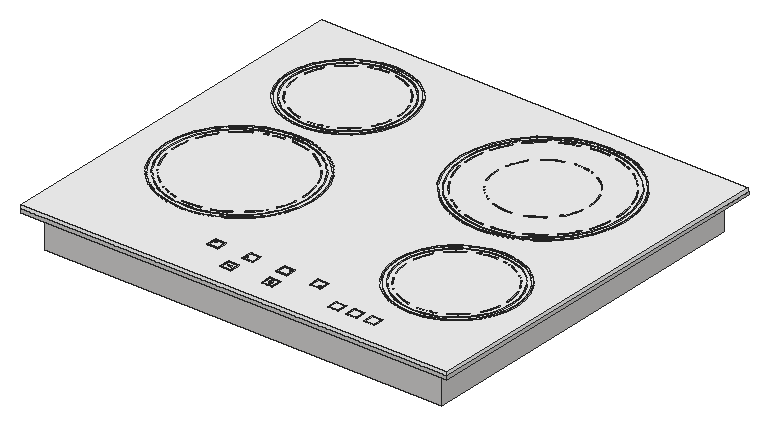
Revit family "QF_Summit_CR4B23T6W_4-Burner Radiant Cooktop", category Specialty Equipment, Revit 2020 (continued)
Automatic sketch dimensions
  curve 160 to curve 197 = 0"  (x2)
  curve 160 to curve 199 = 0"  (x2)
  curve 160 to curve 201 = 0"  (x2)
  curve 160 to curve 203 = 0"  (x2)
  curve 160 to curve 205 = 0"  (x2)
  curve 160 to curve 207 = 0"  (x2)
  curve 160 to curve 209 = 0"  (x2)
  curve 160 to curve 211 = 0"  (x2)
  curve 160 to curve 213 = 0"  (x2)
  curve 160 to curve 215 = 0"  (x2)
  curve 160 to curve 217 = 0"  (x2)
  curve 160 to curve 219 = 0"  (x2)
  curve 161 to curve 163 = 0"  (x2)
  curve 161 to curve 165 = 0"  (x2)
  curve 161 to curve 167 = 0"  (x2)
  curve 161 to curve 169 = 0"  (x2)
  curve 161 to curve 171 = 0"  (x2)
  curve 161 to curve 173 = 0"  (x2)
  curve 161 to curve 175 = 0"  (x2)
  curve 161 to curve 177 = 0"  (x2)
  curve 161 to curve 179 = 0"  (x2)
  curve 161 to curve 181 = 0"  (x2)
  curve 161 to curve 183 = 0"  (x2)
  curve 161 to curve 185 = 0"  (x2)
  curve 161 to curve 187 = 0"  (x2)
  curve 161 to curve 189 = 0"  (x2)
  curve 161 to curve 191 = 0"  (x2)
  curve 161 to curve 193 = 0"  (x2)
  curve 161 to curve 195 = 0"  (x2)
  curve 161 to curve 197 = 0"  (x2)
  curve 161 to curve 199 = 0"  (x2)
  curve 161 to curve 201 = 0"  (x2)
  curve 161 to curve 203 = 0"  (x2)
  curve 161 to curve 205 = 0"  (x2)
  curve 161 to curve 207 = 0"  (x2)
  curve 161 to curve 209 = 0"  (x2)
  curve 161 to curve 211 = 0"  (x2)
  curve 161 to curve 213 = 0"  (x2)
  curve 161 to curve 215 = 0"  (x2)
  curve 161 to curve 217 = 0"  (x2)
  curve 161 to curve 219 = 0"  (x2)
  curve 163 to curve 165 = 0"  (x2)
  curve 163 to curve 167 = 0"  (x2)
  curve 163 to curve 169 = 0"  (x2)
  curve 163 to curve 171 = 0"  (x2)
  curve 163 to curve 173 = 0"  (x2)
  curve 163 to curve 175 = 0"  (x2)
  curve 163 to curve 177 = 0"  (x2)
  curve 163 to curve 179 = 0"  (x2)
  curve 163 to curve 181 = 0"  (x2)
  curve 163 to curve 183 = 0"  (x2)
  curve 163 to curve 185 = 0"  (x2)
  curve 163 to curve 187 = 0"  (x2)
  curve 163 to curve 189 = 0"  (x2)
  curve 163 to curve 191 = 0"  (x2)
  curve 163 to curve 193 = 0"  (x2)
  curve 163 to curve 195 = 0"  (x2)
  curve 163 to curve 197 = 0"  (x2)
  curve 163 to curve 199 = 0"  (x2)
  curve 163 to curve 201 = 0"  (x2)
  curve 163 to curve 203 = 0"  (x2)
  curve 163 to curve 205 = 0"  (x2)
  curve 163 to curve 207 = 0"  (x2)
  curve 163 to curve 209 = 0"  (x2)
  curve 163 to curve 211 = 0"  (x2)
  curve 163 to curve 213 = 0"  (x2)
  curve 163 to curve 215 = 0"  (x2)
  curve 163 to curve 217 = 0"  (x2)
  curve 163 to curve 219 = 0"  (x2)
  curve 165 to curve 167 = 0"  (x2)
  curve 165 to curve 169 = 0"  (x2)
  curve 165 to curve 171 = 0"  (x2)
  curve 165 to curve 173 = 0"  (x2)
  curve 165 to curve 175 = 0"  (x2)
  curve 165 to curve 177 = 0"  (x2)
  curve 165 to curve 179 = 0"  (x2)
  curve 165 to curve 181 = 0"  (x2)
  curve 165 to curve 183 = 0"  (x2)
  curve 165 to curve 185 = 0"  (x2)
  curve 165 to curve 187 = 0"  (x2)
  curve 165 to curve 189 = 0"  (x2)
  curve 165 to curve 191 = 0"  (x2)
  curve 165 to curve 193 = 0"  (x2)
  curve 165 to curve 195 = 0"  (x2)
  curve 165 to curve 197 = 0"  (x2)
  curve 165 to curve 199 = 0"  (x2)
  curve 165 to curve 201 = 0"  (x2)
  curve 165 to curve 203 = 0"  (x2)
  curve 165 to curve 205 = 0"  (x2)
  curve 165 to curve 207 = 0"  (x2)
  curve 165 to curve 209 = 0"  (x2)
  curve 165 to curve 211 = 0"  (x2)
  curve 165 to curve 213 = 0"  (x2)
  curve 165 to curve 215 = 0"  (x2)
  curve 165 to curve 217 = 0"  (x2)
  curve 165 to curve 219 = 0"  (x2)
  curve 167 to curve 169 = 0"  (x2)
  curve 167 to curve 171 = 0"  (x2)
  curve 167 to curve 173 = 0"  (x2)
  curve 167 to curve 175 = 0"  (x2)
  curve 167 to curve 177 = 0"  (x2)
  curve 167 to curve 179 = 0"  (x2)
  curve 167 to curve 181 = 0"  (x2)
  curve 167 to curve 183 = 0"  (x2)
  curve 167 to curve 185 = 0"  (x2)
  curve 167 to curve 187 = 0"  (x2)
  curve 167 to curve 189 = 0"  (x2)
  curve 167 to curve 191 = 0"  (x2)
  curve 167 to curve 193 = 0"  (x2)
  curve 167 to curve 195 = 0"  (x2)
  curve 167 to curve 197 = 0"  (x2)
  curve 167 to curve 199 = 0"  (x2)
  curve 167 to curve 201 = 0"  (x2)
  curve 167 to curve 203 = 0"  (x2)
  curve 167 to curve 205 = 0"  (x2)
  curve 167 to curve 207 = 0"  (x2)
  curve 167 to curve 209 = 0"  (x2)
  curve 167 to curve 211 = 0"  (x2)
  curve 167 to curve 213 = 0"  (x2)
  curve 167 to curve 215 = 0"  (x2)
  curve 167 to curve 217 = 0"  (x2)
  curve 167 to curve 219 = 0"  (x2)
  curve 169 to curve 171 = 0"  (x2)
  curve 169 to curve 173 = 0"  (x2)
  curve 169 to curve 175 = 0"  (x2)
  curve 169 to curve 177 = 0"  (x2)
  curve 169 to curve 179 = 0"  (x2)
  curve 169 to curve 181 = 0"  (x2)
  curve 169 to curve 183 = 0"  (x2)
  curve 169 to curve 185 = 0"  (x2)
  curve 169 to curve 187 = 0"  (x2)
  curve 169 to curve 189 = 0"  (x2)
  curve 169 to curve 191 = 0"  (x2)
  curve 169 to curve 193 = 0"  (x2)
  curve 169 to curve 195 = 0"  (x2)
  curve 169 to curve 197 = 0"  (x2)
  curve 169 to curve 199 = 0"  (x2)
  curve 169 to curve 201 = 0"  (x2)
  curve 169 to curve 203 = 0"  (x2)
  curve 169 to curve 205 = 0"  (x2)
  curve 169 to curve 207 = 0"  (x2)
  curve 169 to curve 209 = 0"  (x2)
  curve 169 to curve 211 = 0"  (x2)
  curve 169 to curve 213 = 0"  (x2)
  curve 169 to curve 215 = 0"  (x2)
  curve 169 to curve 217 = 0"  (x2)
  curve 169 to curve 219 = 0"  (x2)
  curve 171 to curve 173 = 0"  (x2)
  curve 171 to curve 175 = 0"  (x2)
  curve 171 to curve 177 = 0"  (x2)
  curve 171 to curve 179 = 0"  (x2)
  curve 171 to curve 181 = 0"  (x2)
  curve 171 to curve 183 = 0"  (x2)
  curve 171 to curve 185 = 0"  (x2)
  curve 171 to curve 187 = 0"  (x2)
  curve 171 to curve 189 = 0"  (x2)
  curve 171 to curve 191 = 0"  (x2)
  curve 171 to curve 193 = 0"  (x2)
  curve 171 to curve 195 = 0"  (x2)
  curve 171 to curve 197 = 0"  (x2)
  curve 171 to curve 199 = 0"  (x2)
  curve 171 to curve 201 = 0"  (x2)
  curve 171 to curve 203 = 0"  (x2)
  curve 171 to curve 205 = 0"  (x2)
  curve 171 to curve 207 = 0"  (x2)
  curve 171 to curve 209 = 0"  (x2)
  curve 171 to curve 211 = 0"  (x2)
  curve 171 to curve 213 = 0"  (x2)
  curve 171 to curve 215 = 0"  (x2)
  curve 171 to curve 217 = 0"  (x2)
  curve 171 to curve 219 = 0"  (x2)
  curve 173 to curve 175 = 0"  (x2)
  curve 173 to curve 177 = 0"  (x2)
  curve 173 to curve 179 = 0"  (x2)
  curve 173 to curve 181 = 0"  (x2)
  curve 173 to curve 183 = 0"  (x2)
  curve 173 to curve 185 = 0"  (x2)
  curve 173 to curve 187 = 0"  (x2)
  curve 173 to curve 189 = 0"  (x2)
  curve 173 to curve 191 = 0"  (x2)
  curve 173 to curve 193 = 0"  (x2)
  curve 173 to curve 195 = 0"  (x2)
  curve 173 to curve 197 = 0"  (x2)
  curve 173 to curve 199 = 0"  (x2)
  curve 173 to curve 201 = 0"  (x2)
  curve 173 to curve 203 = 0"  (x2)
  curve 173 to curve 205 = 0"  (x2)
  curve 173 to curve 207 = 0"  (x2)
  curve 173 to curve 209 = 0"  (x2)
  curve 173 to curve 211 = 0"  (x2)
  curve 173 to curve 213 = 0"  (x2)
  curve 173 to curve 215 = 0"  (x2)
  curve 173 to curve 217 = 0"  (x2)
  curve 173 to curve 219 = 0"  (x2)
  curve 175 to curve 177 = 0"  (x2)
  curve 175 to curve 179 = 0"  (x2)
  curve 175 to curve 181 = 0"  (x2)
  curve 175 to curve 183 = 0"  (x2)
  curve 175 to curve 185 = 0"  (x2)
  curve 175 to curve 187 = 0"  (x2)
  curve 175 to curve 189 = 0"  (x2)
  curve 175 to curve 191 = 0"  (x2)
  curve 175 to curve 193 = 0"  (x2)
  curve 175 to curve 195 = 0"  (x2)
  curve 175 to curve 197 = 0"  (x2)
  curve 175 to curve 199 = 0"  (x2)
  curve 175 to curve 201 = 0"  (x2)
  curve 175 to curve 203 = 0"  (x2)
  curve 175 to curve 205 = 0"  (x2)
  curve 175 to curve 207 = 0"  (x2)
  curve 175 to curve 209 = 0"  (x2)
  curve 175 to curve 211 = 0"  (x2)
  curve 175 to curve 213 = 0"  (x2)
  curve 175 to curve 215 = 0"  (x2)
  curve 175 to curve 217 = 0"  (x2)
  curve 175 to curve 219 = 0"  (x2)
  curve 177 to curve 179 = 0"  (x2)
  curve 177 to curve 181 = 0"  (x2)
  curve 177 to curve 183 = 0"  (x2)
  curve 177 to curve 185 = 0"  (x2)
  curve 177 to curve 187 = 0"  (x2)
  curve 177 to curve 189 = 0"  (x2)
  curve 177 to curve 191 = 0"  (x2)
  curve 177 to curve 193 = 0"  (x2)
  curve 177 to curve 195 = 0"  (x2)
  curve 177 to curve 197 = 0"  (x2)
  curve 177 to curve 199 = 0"  (x2)
  curve 177 to curve 201 = 0"  (x2)
  curve 177 to curve 203 = 0"  (x2)
  curve 177 to curve 205 = 0"  (x2)
  curve 177 to curve 207 = 0"  (x2)
  curve 177 to curve 209 = 0"  (x2)
  curve 177 to curve 211 = 0"  (x2)
  curve 177 to curve 213 = 0"  (x2)
  curve 177 to curve 215 = 0"  (x2)
  curve 177 to curve 217 = 0"  (x2)
  curve 177 to curve 219 = 0"  (x2)
  curve 179 to curve 181 = 0"  (x2)
  curve 179 to curve 183 = 0"  (x2)
  curve 179 to curve 185 = 0"  (x2)
  curve 179 to curve 187 = 0"  (x2)
  curve 179 to curve 189 = 0"  (x2)
  curve 179 to curve 191 = 0"  (x2)
  curve 179 to curve 193 = 0"  (x2)
  curve 179 to curve 195 = 0"  (x2)
  curve 179 to curve 197 = 0"  (x2)
  curve 179 to curve 199 = 0"  (x2)
  curve 179 to curve 201 = 0"  (x2)
  curve 179 to curve 203 = 0"  (x2)
  curve 179 to curve 205 = 0"  (x2)
  curve 179 to curve 207 = 0"  (x2)
  curve 179 to curve 209 = 0"  (x2)
  curve 179 to curve 211 = 0"  (x2)
  curve 179 to curve 213 = 0"  (x2)
  curve 179 to curve 215 = 0"  (x2)
  curve 179 to curve 217 = 0"  (x2)
  curve 179 to curve 219 = 0"  (x2)
  curve 181 to curve 183 = 0"  (x2)
  curve 181 to curve 185 = 0"  (x2)
  curve 181 to curve 187 = 0"  (x2)
  curve 181 to curve 189 = 0"  (x2)
  curve 181 to curve 191 = 0"  (x2)
  curve 181 to curve 193 = 0"  (x2)
  curve 181 to curve 195 = 0"  (x2)
  curve 181 to curve 197 = 0"  (x2)
  curve 181 to curve 199 = 0"  (x2)
  curve 181 to curve 201 = 0"  (x2)
  curve 181 to curve 203 = 0"  (x2)
  curve 181 to curve 205 = 0"  (x2)
  curve 181 to curve 207 = 0"  (x2)
  curve 181 to curve 209 = 0"  (x2)
  curve 181 to curve 211 = 0"  (x2)
  curve 181 to curve 213 = 0"  (x2)
  curve 181 to curve 215 = 0"  (x2)
  curve 181 to curve 217 = 0"  (x2)
  curve 181 to curve 219 = 0"  (x2)
  curve 183 to curve 185 = 0"  (x2)
  curve 183 to curve 187 = 0"  (x2)
  curve 183 to curve 189 = 0"  (x2)
  curve 183 to curve 191 = 0"  (x2)
  curve 183 to curve 193 = 0"  (x2)
  curve 183 to curve 195 = 0"  (x2)
  curve 183 to curve 197 = 0"  (x2)
  curve 183 to curve 199 = 0"  (x2)
  curve 183 to curve 201 = 0"  (x2)
  curve 183 to curve 203 = 0"  (x2)
  curve 183 to curve 205 = 0"  (x2)
  curve 183 to curve 207 = 0"  (x2)
  curve 183 to curve 209 = 0"  (x2)
  curve 183 to curve 211 = 0"  (x2)
  curve 183 to curve 213 = 0"  (x2)
  curve 183 to curve 215 = 0"  (x2)
  curve 183 to curve 217 = 0"  (x2)
  curve 183 to curve 219 = 0"  (x2)
  curve 185 to curve 187 = 0"  (x2)
  curve 185 to curve 189 = 0"  (x2)
  curve 185 to curve 191 = 0"  (x2)
  curve 185 to curve 193 = 0"  (x2)
  curve 185 to curve 195 = 0"  (x2)
  curve 185 to curve 197 = 0"  (x2)
  curve 185 to curve 199 = 0"  (x2)
  curve 185 to curve 201 = 0"  (x2)
  curve 185 to curve 203 = 0"  (x2)
  curve 185 to curve 205 = 0"  (x2)
  curve 185 to curve 207 = 0"  (x2)
  curve 185 to curve 209 = 0"  (x2)
  curve 185 to curve 211 = 0"  (x2)
  curve 185 to curve 213 = 0"  (x2)
  curve 185 to curve 215 = 0"  (x2)
  curve 185 to curve 217 = 0"  (x2)
  curve 185 to curve 219 = 0"  (x2)
  curve 187 to curve 189 = 0"  (x2)
  curve 187 to curve 191 = 0"  (x2)
  curve 187 to curve 193 = 0"  (x2)
  curve 187 to curve 195 = 0"  (x2)
  curve 187 to curve 197 = 0"  (x2)
  curve 187 to curve 199 = 0"  (x2)
  curve 187 to curve 201 = 0"  (x2)
  curve 187 to curve 203 = 0"  (x2)
  curve 187 to curve 205 = 0"  (x2)
  curve 187 to curve 207 = 0"  (x2)
  curve 187 to curve 209 = 0"  (x2)
  curve 187 to curve 211 = 0"  (x2)
  curve 187 to curve 213 = 0"  (x2)
  curve 187 to curve 215 = 0"  (x2)
  curve 187 to curve 217 = 0"  (x2)
  curve 187 to curve 219 = 0"  (x2)
  curve 189 to curve 191 = 0"  (x2)
  curve 189 to curve 193 = 0"  (x2)
  curve 189 to curve 195 = 0"  (x2)
  curve 189 to curve 197 = 0"  (x2)
  curve 189 to curve 199 = 0"  (x2)
  curve 189 to curve 201 = 0"  (x2)
  curve 189 to curve 203 = 0"  (x2)
  curve 189 to curve 205 = 0"  (x2)
  curve 189 to curve 207 = 0"  (x2)
  curve 189 to curve 209 = 0"  (x2)
  curve 189 to curve 211 = 0"  (x2)
  curve 189 to curve 213 = 0"  (x2)
  curve 189 to curve 215 = 0"  (x2)
  curve 189 to curve 217 = 0"  (x2)
  curve 189 to curve 219 = 0"  (x2)
  curve 191 to curve 193 = 0"  (x2)
  curve 191 to curve 195 = 0"  (x2)
  curve 191 to curve 197 = 0"  (x2)
  curve 191 to curve 199 = 0"  (x2)
  curve 191 to curve 201 = 0"  (x2)
  curve 191 to curve 203 = 0"  (x2)
  curve 191 to curve 205 = 0"  (x2)
  curve 191 to curve 207 = 0"  (x2)
  curve 191 to curve 209 = 0"  (x2)
  curve 191 to curve 211 = 0"  (x2)
  curve 191 to curve 213 = 0"  (x2)
  curve 191 to curve 215 = 0"  (x2)
  curve 191 to curve 217 = 0"  (x2)
  curve 191 to curve 219 = 0"  (x2)
  curve 193 to curve 195 = 0"  (x2)
  curve 193 to curve 197 = 0"  (x2)
  curve 193 to curve 199 = 0"  (x2)
  curve 193 to curve 201 = 0"  (x2)
  curve 193 to curve 203 = 0"  (x2)
  curve 193 to curve 205 = 0"  (x2)
  curve 193 to curve 207 = 0"  (x2)
  curve 193 to curve 209 = 0"  (x2)
  curve 193 to curve 211 = 0"  (x2)
  curve 193 to curve 213 = 0"  (x2)
  curve 193 to curve 215 = 0"  (x2)
  curve 193 to curve 217 = 0"  (x2)
  curve 193 to curve 219 = 0"  (x2)
  curve 195 to curve 197 = 0"  (x2)
  curve 195 to curve 199 = 0"  (x2)
  curve 195 to curve 201 = 0"  (x2)
  curve 195 to curve 203 = 0"  (x2)
  curve 195 to curve 205 = 0"  (x2)
  curve 195 to curve 207 = 0"  (x2)
  curve 195 to curve 209 = 0"  (x2)
  curve 195 to curve 211 = 0"  (x2)
  curve 195 to curve 213 = 0"  (x2)
  curve 195 to curve 215 = 0"  (x2)
  curve 195 to curve 217 = 0"  (x2)
  curve 195 to curve 219 = 0"  (x2)
  curve 197 to curve 199 = 0"  (x2)
  curve 197 to curve 201 = 0"  (x2)
  curve 197 to curve 203 = 0"  (x2)
  curve 197 to curve 205 = 0"  (x2)
  curve 197 to curve 207 = 0"  (x2)
  curve 197 to curve 209 = 0"  (x2)
  curve 197 to curve 211 = 0"  (x2)
  curve 197 to curve 213 = 0"  (x2)
  curve 197 to curve 215 = 0"  (x2)
  curve 197 to curve 217 = 0"  (x2)
  curve 197 to curve 219 = 0"  (x2)
  curve 199 to curve 201 = 0"  (x2)
  curve 199 to curve 203 = 0"  (x2)
  curve 199 to curve 205 = 0"  (x2)
  curve 199 to curve 207 = 0"  (x2)
  curve 199 to curve 209 = 0"  (x2)
  curve 199 to curve 211 = 0"  (x2)
  curve 199 to curve 213 = 0"  (x2)
  curve 199 to curve 215 = 0"  (x2)
  curve 199 to curve 217 = 0"  (x2)
  curve 199 to curve 219 = 0"  (x2)
  curve 201 to curve 203 = 0"  (x2)
  curve 201 to curve 205 = 0"  (x2)
  curve 201 to curve 207 = 0"  (x2)
  curve 201 to curve 209 = 0"  (x2)
  curve 201 to curve 211 = 0"  (x2)
  curve 201 to curve 213 = 0"  (x2)
  curve 201 to curve 215 = 0"  (x2)
  curve 201 to curve 217 = 0"  (x2)
  curve 201 to curve 219 = 0"  (x2)
  curve 203 to curve 205 = 0"  (x2)
  curve 203 to curve 207 = 0"  (x2)
  curve 203 to curve 209 = 0"  (x2)
  curve 203 to curve 211 = 0"  (x2)
  curve 203 to curve 213 = 0"  (x2)
  curve 203 to curve 215 = 0"  (x2)
  curve 203 to curve 217 = 0"  (x2)
  curve 203 to curve 219 = 0"  (x2)
  curve 205 to curve 207 = 0"  (x2)
  curve 205 to curve 209 = 0"  (x2)
  curve 205 to curve 211 = 0"  (x2)
  curve 205 to curve 213 = 0"  (x2)
  curve 205 to curve 215 = 0"  (x2)
  curve 205 to curve 217 = 0"  (x2)
  curve 205 to curve 219 = 0"  (x2)
  curve 207 to curve 209 = 0"  (x2)
  curve 207 to curve 211 = 0"  (x2)
  curve 207 to curve 213 = 0"  (x2)
  curve 207 to curve 215 = 0"  (x2)
  curve 207 to curve 217 = 0"  (x2)
  curve 207 to curve 219 = 0"  (x2)
  curve 209 to curve 211 = 0"  (x2)
  curve 209 to curve 213 = 0"  (x2)
  curve 209 to curve 215 = 0"  (x2)
  curve 209 to curve 217 = 0"  (x2)
  curve 209 to curve 219 = 0"  (x2)
  curve 211 to curve 213 = 0"  (x2)
  curve 211 to curve 215 = 0"  (x2)
  curve 211 to curve 217 = 0"  (x2)
  curve 211 to curve 219 = 0"  (x2)
  curve 213 to curve 215 = 0"  (x2)
  curve 213 to curve 217 = 0"  (x2)
  curve 213 to curve 219 = 0"  (x2)
  curve 215 to curve 217 = 0"  (x2)
  curve 215 to curve 219 = 0"  (x2)
  curve 217 to curve 219 = 0"  (x2)
  curve 221 to curve 222 = 0"  (x2)
  curve 221 to curve 223 = 0"  (x2)
  curve 221 to curve 224 = 0"  (x2)
  curve 221 to curve 225 = 0"  (x2)
  curve 221 to curve 226 = 0"  (x2)
  curve 221 to curve 227 = 0"  (x2)
  curve 221 to curve 228 = 0"  (x2)
  curve 221 to curve 229 = 0"  (x2)
  curve 221 to curve 231 = 0"  (x2)
  curve 221 to curve 233 = 0"  (x2)
  curve 221 to curve 235 = 0"  (x2)
  curve 221 to curve 237 = 0"  (x2)
  curve 221 to curve 239 = 0"  (x2)
  curve 221 to curve 241 = 0"  (x2)
  curve 221 to curve 243 = 0"  (x2)
  curve 221 to curve 245 = 0"  (x2)
  curve 221 to curve 247 = 0"  (x2)
  curve 221 to curve 249 = 0"  (x2)
  curve 221 to curve 251 = 0"  (x2)
  curve 221 to curve 253 = 0"  (x2)
  curve 221 to curve 255 = 0"  (x2)
  curve 221 to curve 257 = 0"  (x2)
  curve 221 to curve 259 = 0"  (x2)
  curve 221 to curve 261 = 0"  (x2)
  curve 221 to curve 263 = 0"  (x2)
  curve 221 to curve 265 = 0"  (x2)
  curve 221 to curve 267 = 0"  (x2)
  curve 221 to curve 269 = 0"  (x2)
  curve 221 to curve 271 = 0"  (x2)
  curve 221 to curve 273 = 0"  (x2)
  curve 221 to curve 275 = 0"  (x2)
  curve 221 to curve 277 = 0"  (x2)
  curve 221 to curve 279 = 0"  (x2)
  curve 221 to curve 281 = 0"  (x2)
  curve 221 to curve 283 = 0"  (x2)
  curve 221 to curve 285 = 0"  (x2)
  curve 221 to curve 287 = 0"  (x2)
  curve 221 to curve 289 = 0"  (x2)
  curve 221 to curve 291 = 0"  (x2)
  curve 221 to curve 293 = 0"  (x2)
  curve 221 to curve 295 = 0"  (x2)
  curve 221 to curve 297 = 0"  (x2)
  curve 221 to curve 299 = 0"  (x2)
  curve 221 to curve 301 = 0"  (x2)
  curve 221 to curve 303 = 0"  (x2)
  curve 221 to curve 305 = 0"  (x2)
  curve 221 to curve 307 = 0"  (x2)
  curve 221 to curve 309 = 0"  (x2)
  curve 221 to curve 311 = 0"  (x2)
  curve 221 to curve 313 = 0"  (x2)
  curve 221 to curve 315 = 0"  (x2)
  curve 221 to curve 317 = 0"  (x2)
  curve 221 to curve 319 = 0"  (x2)
  curve 221 to curve 321 = 0"  (x2)
  curve 221 to curve 323 = 0"  (x2)
  curve 221 to curve 325 = 0"  (x2)
  curve 221 to curve 327 = 0"  (x2)
  curve 221 to curve 329 = 0"  (x2)
  curve 221 to curve 331 = 0"  (x2)
  curve 222 to curve 223 = 0"  (x2)
  curve 222 to curve 224 = 0"  (x2)
  curve 222 to curve 225 = 0"  (x2)
  curve 222 to curve 226 = 0"  (x2)
  curve 222 to curve 227 = 0"  (x2)
  curve 222 to curve 228 = 0"  (x2)
  curve 222 to curve 229 = 0"  (x2)
  curve 222 to curve 231 = 0"  (x2)
  curve 222 to curve 233 = 0"  (x2)
  curve 222 to curve 235 = 0"  (x2)
  curve 222 to curve 237 = 0"  (x2)
  curve 222 to curve 239 = 0"  (x2)
  curve 222 to curve 241 = 0"  (x2)
  curve 222 to curve 243 = 0"  (x2)
  curve 222 to curve 245 = 0"  (x2)
  curve 222 to curve 247 = 0"  (x2)
  curve 222 to curve 249 = 0"  (x2)
  curve 222 to curve 251 = 0"  (x2)
  curve 222 to curve 253 = 0"  (x2)
  curve 222 to curve 255 = 0"  (x2)
  curve 222 to curve 257 = 0"  (x2)
  curve 222 to curve 259 = 0"  (x2)
  curve 222 to curve 261 = 0"  (x2)
  curve 222 to curve 263 = 0"  (x2)
  curve 222 to curve 265 = 0"  (x2)
  curve 222 to curve 267 = 0"  (x2)
  curve 222 to curve 269 = 0"  (x2)
  curve 222 to curve 271 = 0"  (x2)
  curve 222 to curve 273 = 0"  (x2)
  curve 222 to curve 275 = 0"  (x2)
  curve 222 to curve 277 = 0"  (x2)
  curve 222 to curve 279 = 0"  (x2)
  curve 222 to curve 281 = 0"  (x2)
  curve 222 to curve 283 = 0"  (x2)
  curve 222 to curve 285 = 0"  (x2)
  curve 222 to curve 287 = 0"  (x2)
  curve 222 to curve 289 = 0"  (x2)
  curve 222 to curve 291 = 0"  (x2)
  curve 222 to curve 293 = 0"  (x2)
  curve 222 to curve 295 = 0"  (x2)
  curve 222 to curve 297 = 0"  (x2)
  curve 222 to curve 299 = 0"  (x2)
  curve 222 to curve 301 = 0"  (x2)
  curve 222 to curve 303 = 0"  (x2)
  curve 222 to curve 305 = 0"  (x2)
  curve 222 to curve 307 = 0"  (x2)
  curve 222 to curve 309 = 0"  (x2)
  curve 222 to curve 311 = 0"  (x2)
  curve 222 to curve 313 = 0"  (x2)
  curve 222 to curve 315 = 0"  (x2)
  curve 222 to curve 317 = 0"  (x2)
  curve 222 to curve 319 = 0"  (x2)
  curve 222 to curve 321 = 0"  (x2)
  curve 222 to curve 323 = 0"  (x2)
  curve 222 to curve 325 = 0"  (x2)
  curve 222 to curve 327 = 0"  (x2)
  curve 222 to curve 329 = 0"  (x2)
  curve 222 to curve 331 = 0"  (x2)
  curve 223 to curve 224 = 0"  (x2)
  curve 223 to curve 225 = 0"  (x2)
  curve 223 to curve 226 = 0"  (x2)
  curve 223 to curve 227 = 0"  (x2)
  curve 223 to curve 228 = 0"  (x2)
  curve 223 to curve 229 = 0"  (x2)
  curve 223 to curve 231 = 0"  (x2)
  curve 223 to curve 233 = 0"  (x2)
  curve 223 to curve 235 = 0"  (x2)
  curve 223 to curve 237 = 0"  (x2)
  curve 223 to curve 239 = 0"  (x2)
  curve 223 to curve 241 = 0"  (x2)
  curve 223 to curve 243 = 0"  (x2)
  curve 223 to curve 245 = 0"  (x2)
  curve 223 to curve 247 = 0"  (x2)
  curve 223 to curve 249 = 0"  (x2)
  curve 223 to curve 251 = 0"  (x2)
  curve 223 to curve 253 = 0"  (x2)
  curve 223 to curve 255 = 0"  (x2)
  curve 223 to curve 257 = 0"  (x2)
  curve 223 to curve 259 = 0"  (x2)
  curve 223 to curve 261 = 0"  (x2)
  curve 223 to curve 263 = 0"  (x2)
  curve 223 to curve 265 = 0"  (x2)
  curve 223 to curve 267 = 0"  (x2)
  curve 223 to curve 269 = 0"  (x2)
  curve 223 to curve 271 = 0"  (x2)
  curve 223 to curve 273 = 0"  (x2)
  curve 223 to curve 275 = 0"  (x2)
  curve 223 to curve 277 = 0"  (x2)
  curve 223 to curve 279 = 0"  (x2)
  curve 223 to curve 281 = 0"  (x2)
  curve 223 to curve 283 = 0"  (x2)
  curve 223 to curve 285 = 0"  (x2)
  curve 223 to curve 287 = 0"  (x2)
  curve 223 to curve 289 = 0"  (x2)
  curve 223 to curve 291 = 0"  (x2)
  curve 223 to curve 293 = 0"  (x2)
  curve 223 to curve 295 = 0"  (x2)
  curve 223 to curve 297 = 0"  (x2)
  curve 223 to curve 299 = 0"  (x2)
  curve 223 to curve 301 = 0"  (x2)
  curve 223 to curve 303 = 0"  (x2)
  curve 223 to curve 305 = 0"  (x2)
  curve 223 to curve 307 = 0"  (x2)
  curve 223 to curve 309 = 0"  (x2)
  curve 223 to curve 311 = 0"  (x2)
  curve 223 to curve 313 = 0"  (x2)
  curve 223 to curve 315 = 0"  (x2)
  curve 223 to curve 317 = 0"  (x2)
  curve 223 to curve 319 = 0"  (x2)
  curve 223 to curve 321 = 0"  (x2)
  curve 223 to curve 323 = 0"  (x2)
  curve 223 to curve 325 = 0"  (x2)
  curve 223 to curve 327 = 0"  (x2)
  curve 223 to curve 329 = 0"  (x2)
  curve 223 to curve 331 = 0"  (x2)
  curve 224 to curve 225 = 0"  (x2)
  curve 224 to curve 226 = 0"  (x2)
  curve 224 to curve 227 = 0"  (x2)
  curve 224 to curve 228 = 0"  (x2)
  curve 224 to curve 229 = 0"  (x2)
  curve 224 to curve 231 = 0"  (x2)
  curve 224 to curve 233 = 0"  (x2)
  curve 224 to curve 235 = 0"  (x2)
  curve 224 to curve 237 = 0"  (x2)
  curve 224 to curve 239 = 0"  (x2)
  curve 224 to curve 241 = 0"  (x2)
  curve 224 to curve 243 = 0"  (x2)
  curve 224 to curve 245 = 0"  (x2)
  curve 224 to curve 247 = 0"  (x2)
  curve 224 to curve 249 = 0"  (x2)
  curve 224 to curve 251 = 0"  (x2)
  curve 224 to curve 253 = 0"  (x2)
  curve 224 to curve 255 = 0"  (x2)
  curve 224 to curve 257 = 0"  (x2)
  curve 224 to curve 259 = 0"  (x2)
  curve 224 to curve 261 = 0"  (x2)
  curve 224 to curve 263 = 0"  (x2)
  curve 224 to curve 265 = 0"  (x2)
  curve 224 to curve 267 = 0"  (x2)
  curve 224 to curve 269 = 0"  (x2)
  curve 224 to curve 271 = 0"  (x2)
  curve 224 to curve 273 = 0"  (x2)
  curve 224 to curve 275 = 0"  (x2)
  curve 224 to curve 277 = 0"  (x2)
  curve 224 to curve 279 = 0"  (x2)
  curve 224 to curve 281 = 0"  (x2)
  curve 224 to curve 283 = 0"  (x2)
  curve 224 to curve 285 = 0"  (x2)
  curve 224 to curve 287 = 0"  (x2)
  curve 224 to curve 289 = 0"  (x2)
  curve 224 to curve 291 = 0"  (x2)
  curve 224 to curve 293 = 0"  (x2)
  curve 224 to curve 295 = 0"  (x2)
  curve 224 to curve 297 = 0"  (x2)
  curve 224 to curve 299 = 0"  (x2)
  curve 224 to curve 301 = 0"  (x2)
  curve 224 to curve 303 = 0"  (x2)
  curve 224 to curve 305 = 0"  (x2)
  curve 224 to curve 307 = 0"  (x2)
  curve 224 to curve 309 = 0"  (x2)
  curve 224 to curve 311 = 0"  (x2)
  curve 224 to curve 313 = 0"  (x2)
  curve 224 to curve 315 = 0"  (x2)
  curve 224 to curve 317 = 0"  (x2)
  curve 224 to curve 319 = 0"  (x2)
  curve 224 to curve 321 = 0"  (x2)
  curve 224 to curve 323 = 0"  (x2)
  curve 224 to curve 325 = 0"  (x2)
  curve 224 to curve 327 = 0"  (x2)
  curve 224 to curve 329 = 0"  (x2)
  curve 224 to curve 331 = 0"  (x2)
  curve 225 to curve 226 = 0"  (x2)
  curve 225 to curve 227 = 0"  (x2)
  curve 225 to curve 228 = 0"  (x2)
  curve 225 to curve 229 = 0"  (x2)
  curve 225 to curve 231 = 0"  (x2)
  curve 225 to curve 233 = 0"  (x2)
  curve 225 to curve 235 = 0"  (x2)
  curve 225 to curve 237 = 0"  (x2)
  curve 225 to curve 239 = 0"  (x2)
  curve 225 to curve 241 = 0"  (x2)
  curve 225 to curve 243 = 0"  (x2)
  curve 225 to curve 245 = 0"  (x2)
  curve 225 to curve 247 = 0"  (x2)
  curve 225 to curve 249 = 0"  (x2)
  curve 225 to curve 251 = 0"  (x2)
  curve 225 to curve 253 = 0"  (x2)
  curve 225 to curve 255 = 0"  (x2)
  curve 225 to curve 257 = 0"  (x2)
  curve 225 to curve 259 = 0"  (x2)
  curve 225 to curve 261 = 0"  (x2)
  curve 225 to curve 263 = 0"  (x2)
  curve 225 to curve 265 = 0"  (x2)
  curve 225 to curve 267 = 0"  (x2)
  curve 225 to curve 269 = 0"  (x2)
  curve 225 to curve 271 = 0"  (x2)
  curve 225 to curve 273 = 0"  (x2)
  curve 225 to curve 275 = 0"  (x2)
  curve 225 to curve 277 = 0"  (x2)
  curve 225 to curve 279 = 0"  (x2)
  curve 225 to curve 281 = 0"  (x2)
  curve 225 to curve 283 = 0"  (x2)
  curve 225 to curve 285 = 0"  (x2)
  curve 225 to curve 287 = 0"  (x2)
  curve 225 to curve 289 = 0"  (x2)
  curve 225 to curve 291 = 0"  (x2)
  curve 225 to curve 293 = 0"  (x2)
  curve 225 to curve 295 = 0"  (x2)
  curve 225 to curve 297 = 0"  (x2)
  curve 225 to curve 299 = 0"  (x2)
  curve 225 to curve 301 = 0"  (x2)
  curve 225 to curve 303 = 0"  (x2)
  curve 225 to curve 305 = 0"  (x2)
  curve 225 to curve 307 = 0"  (x2)
  curve 225 to curve 309 = 0"  (x2)
  curve 225 to curve 311 = 0"  (x2)
  curve 225 to curve 313 = 0"  (x2)
  curve 225 to curve 315 = 0"  (x2)
  curve 225 to curve 317 = 0"  (x2)
  curve 225 to curve 319 = 0"  (x2)
  curve 225 to curve 321 = 0"  (x2)
  curve 225 to curve 323 = 0"  (x2)
  curve 225 to curve 325 = 0"  (x2)
  curve 225 to curve 327 = 0"  (x2)
  curve 225 to curve 329 = 0"  (x2)
  curve 225 to curve 331 = 0"  (x2)
  curve 226 to curve 227 = 0"  (x2)
  curve 226 to curve 228 = 0"  (x2)
  curve 226 to curve 229 = 0"  (x2)
  curve 226 to curve 231 = 0"  (x2)
  curve 226 to curve 233 = 0"  (x2)
  curve 226 to curve 235 = 0"  (x2)
  curve 226 to curve 237 = 0"  (x2)
  curve 226 to curve 239 = 0"  (x2)
  curve 226 to curve 241 = 0"  (x2)
  curve 226 to curve 243 = 0"  (x2)
  curve 226 to curve 245 = 0"  (x2)
  curve 226 to curve 247 = 0"  (x2)
  curve 226 to curve 249 = 0"  (x2)
  curve 226 to curve 251 = 0"  (x2)
  curve 226 to curve 253 = 0"  (x2)
  curve 226 to curve 255 = 0"  (x2)
  curve 226 to curve 257 = 0"  (x2)
  curve 226 to curve 259 = 0"  (x2)
  curve 226 to curve 261 = 0"  (x2)
  curve 226 to curve 263 = 0"  (x2)
  curve 226 to curve 265 = 0"  (x2)
  curve 226 to curve 267 = 0"  (x2)
  curve 226 to curve 269 = 0"  (x2)
  curve 226 to curve 271 = 0"  (x2)
  curve 226 to curve 273 = 0"  (x2)
  curve 226 to curve 275 = 0"  (x2)
  curve 226 to curve 277 = 0"  (x2)
  curve 226 to curve 279 = 0"  (x2)
  curve 226 to curve 281 = 0"  (x2)
  curve 226 to curve 283 = 0"  (x2)
  curve 226 to curve 285 = 0"  (x2)
  curve 226 to curve 287 = 0"  (x2)
  curve 226 to curve 289 = 0"  (x2)
  curve 226 to curve 291 = 0"  (x2)
  curve 226 to curve 293 = 0"  (x2)
  curve 226 to curve 295 = 0"  (x2)
  curve 226 to curve 297 = 0"  (x2)
  curve 226 to curve 299 = 0"  (x2)
  curve 226 to curve 301 = 0"  (x2)
  curve 226 to curve 303 = 0"  (x2)
  curve 226 to curve 305 = 0"  (x2)
  curve 226 to curve 307 = 0"  (x2)
  curve 226 to curve 309 = 0"  (x2)
  curve 226 to curve 311 = 0"  (x2)
  curve 226 to curve 313 = 0"  (x2)
  curve 226 to curve 315 = 0"  (x2)
  curve 226 to curve 317 = 0"  (x2)
  curve 226 to curve 319 = 0"  (x2)
  curve 226 to curve 321 = 0"  (x2)
  curve 226 to curve 323 = 0"  (x2)
  curve 226 to curve 325 = 0"  (x2)
  curve 226 to curve 327 = 0"  (x2)
  curve 226 to curve 329 = 0"  (x2)
  curve 226 to curve 331 = 0"  (x2)
  curve 227 to curve 228 = 0"  (x2)
  curve 227 to curve 229 = 0"  (x2)
  curve 227 to curve 231 = 0"  (x2)
  curve 227 to curve 233 = 0"  (x2)
  curve 227 to curve 235 = 0"  (x2)
  curve 227 to curve 237 = 0"  (x2)
  curve 227 to curve 239 = 0"  (x2)
  curve 227 to curve 241 = 0"  (x2)
  curve 227 to curve 243 = 0"  (x2)
  curve 227 to curve 245 = 0"  (x2)
  curve 227 to curve 247 = 0"  (x2)
  curve 227 to curve 249 = 0"  (x2)
  curve 227 to curve 251 = 0"  (x2)
  curve 227 to curve 253 = 0"  (x2)
  curve 227 to curve 255 = 0"  (x2)
  curve 227 to curve 257 = 0"  (x2)
  curve 227 to curve 259 = 0"  (x2)
  curve 227 to curve 261 = 0"  (x2)
  curve 227 to curve 263 = 0"  (x2)
  curve 227 to curve 265 = 0"  (x2)
  curve 227 to curve 267 = 0"  (x2)
  curve 227 to curve 269 = 0"  (x2)
  curve 227 to curve 271 = 0"  (x2)
  curve 227 to curve 273 = 0"  (x2)
  curve 227 to curve 275 = 0"  (x2)
  curve 227 to curve 277 = 0"  (x2)
  curve 227 to curve 279 = 0"  (x2)
  curve 227 to curve 281 = 0"  (x2)
  curve 227 to curve 283 = 0"  (x2)
  curve 227 to curve 285 = 0"  (x2)
  curve 227 to curve 287 = 0"  (x2)
  curve 227 to curve 289 = 0"  (x2)
  curve 227 to curve 291 = 0"  (x2)
  curve 227 to curve 293 = 0"  (x2)
  curve 227 to curve 295 = 0"  (x2)
  curve 227 to curve 297 = 0"  (x2)
  curve 227 to curve 299 = 0"  (x2)
  curve 227 to curve 301 = 0"  (x2)
  curve 227 to curve 303 = 0"  (x2)
  curve 227 to curve 305 = 0"  (x2)
  curve 227 to curve 307 = 0"  (x2)
  curve 227 to curve 309 = 0"  (x2)
  curve 227 to curve 311 = 0"  (x2)
  curve 227 to curve 313 = 0"  (x2)
  curve 227 to curve 315 = 0"  (x2)
  curve 227 to curve 317 = 0"  (x2)
  curve 227 to curve 319 = 0"  (x2)
  curve 227 to curve 321 = 0"  (x2)
  curve 227 to curve 323 = 0"  (x2)
  curve 227 to curve 325 = 0"  (x2)
  curve 227 to curve 327 = 0"  (x2)
  curve 227 to curve 329 = 0"  (x2)
  curve 227 to curve 331 = 0"  (x2)
  curve 228 to curve 229 = 0"  (x2)
  curve 228 to curve 231 = 0"  (x2)
  curve 228 to curve 233 = 0"  (x2)
  curve 228 to curve 235 = 0"  (x2)
  curve 228 to curve 237 = 0"  (x2)
  curve 228 to curve 239 = 0"  (x2)
  curve 228 to curve 241 = 0"  (x2)
  curve 228 to curve 243 = 0"  (x2)
  curve 228 to curve 245 = 0"  (x2)
  curve 228 to curve 247 = 0"  (x2)
  curve 228 to curve 249 = 0"  (x2)
  curve 228 to curve 251 = 0"  (x2)
  curve 228 to curve 253 = 0"  (x2)
  curve 228 to curve 255 = 0"  (x2)
  curve 228 to curve 257 = 0"  (x2)
  curve 228 to curve 259 = 0"  (x2)
  curve 228 to curve 261 = 0"  (x2)
  curve 228 to curve 263 = 0"  (x2)
  curve 228 to curve 265 = 0"  (x2)
  curve 228 to curve 267 = 0"  (x2)
  curve 228 to curve 269 = 0"  (x2)
  curve 228 to curve 271 = 0"  (x2)
  curve 228 to curve 273 = 0"  (x2)
  curve 228 to curve 275 = 0"  (x2)
  curve 228 to curve 277 = 0"  (x2)
  curve 228 to curve 279 = 0"  (x2)
  curve 228 to curve 281 = 0"  (x2)
  curve 228 to curve 283 = 0"  (x2)
  curve 228 to curve 285 = 0"  (x2)
  curve 228 to curve 287 = 0"  (x2)
  curve 228 to curve 289 = 0"  (x2)
  curve 228 to curve 291 = 0"  (x2)
  curve 228 to curve 293 = 0"  (x2)
  curve 228 to curve 295 = 0"  (x2)
  curve 228 to curve 297 = 0"  (x2)
  curve 228 to curve 299 = 0"  (x2)
  curve 228 to curve 301 = 0"  (x2)
  curve 228 to curve 303 = 0"  (x2)
  curve 228 to curve 305 = 0"  (x2)
  curve 228 to curve 307 = 0"  (x2)
  curve 228 to curve 309 = 0"  (x2)
  curve 228 to curve 311 = 0"  (x2)
  curve 228 to curve 313 = 0"  (x2)
  curve 228 to curve 315 = 0"  (x2)
  curve 228 to curve 317 = 0"  (x2)
  curve 228 to curve 319 = 0"  (x2)
  curve 228 to curve 321 = 0"  (x2)
  curve 228 to curve 323 = 0"  (x2)
  curve 228 to curve 325 = 0"  (x2)
  curve 228 to curve 327 = 0"  (x2)
  curve 228 to curve 329 = 0"  (x2)
  curve 228 to curve 331 = 0"  (x2)
  curve 229 to curve 231 = 0"  (x2)
  curve 229 to curve 233 = 0"  (x2)
  curve 229 to curve 235 = 0"  (x2)
  curve 229 to curve 237 = 0"  (x2)
  curve 229 to curve 239 = 0"  (x2)
  curve 229 to curve 241 = 0"  (x2)
  curve 229 to curve 243 = 0"  (x2)
  curve 229 to curve 245 = 0"  (x2)
  curve 229 to curve 247 = 0"  (x2)
  curve 229 to curve 249 = 0"  (x2)
  curve 229 to curve 251 = 0"  (x2)
  curve 229 to curve 253 = 0"  (x2)
  curve 229 to curve 255 = 0"  (x2)
  curve 229 to curve 257 = 0"  (x2)
  curve 229 to curve 259 = 0"  (x2)
  curve 229 to curve 261 = 0"  (x2)
  curve 229 to curve 263 = 0"  (x2)
  curve 229 to curve 265 = 0"  (x2)
  curve 229 to curve 267 = 0"  (x2)
  curve 229 to curve 269 = 0"  (x2)
  curve 229 to curve 271 = 0"  (x2)
  curve 229 to curve 273 = 0"  (x2)
  curve 229 to curve 275 = 0"  (x2)
  curve 229 to curve 277 = 0"  (x2)
  curve 229 to curve 279 = 0"  (x2)
  curve 229 to curve 281 = 0"  (x2)
  curve 229 to curve 283 = 0"  (x2)
  curve 229 to curve 285 = 0"  (x2)
  curve 229 to curve 287 = 0"  (x2)
  curve 229 to curve 289 = 0"  (x2)
  curve 229 to curve 291 = 0"  (x2)
  curve 229 to curve 293 = 0"  (x2)
  curve 229 to curve 295 = 0"  (x2)
  curve 229 to curve 297 = 0"  (x2)
  curve 229 to curve 299 = 0"  (x2)
  curve 229 to curve 301 = 0"  (x2)
  curve 229 to curve 303 = 0"  (x2)
  curve 229 to curve 305 = 0"  (x2)
  curve 229 to curve 307 = 0"  (x2)
  curve 229 to curve 309 = 0"  (x2)
  curve 229 to curve 311 = 0"  (x2)
  curve 229 to curve 313 = 0"  (x2)
  curve 229 to curve 315 = 0"  (x2)
  curve 229 to curve 317 = 0"  (x2)
  curve 229 to curve 319 = 0"  (x2)
  curve 229 to curve 321 = 0"  (x2)
  curve 229 to curve 323 = 0"  (x2)
  curve 229 to curve 325 = 0"  (x2)
  curve 229 to curve 327 = 0"  (x2)
  curve 229 to curve 329 = 0"  (x2)
  curve 229 to curve 331 = 0"  (x2)
  curve 231 to curve 233 = 0"  (x2)
  curve 231 to curve 235 = 0"  (x2)
  curve 231 to curve 237 = 0"  (x2)
  curve 231 to curve 239 = 0"  (x2)
  curve 231 to curve 241 = 0"  (x2)
  curve 231 to curve 243 = 0"  (x2)
  curve 231 to curve 245 = 0"  (x2)
  curve 231 to curve 247 = 0"  (x2)
  curve 231 to curve 249 = 0"  (x2)
  curve 231 to curve 251 = 0"  (x2)
  curve 231 to curve 253 = 0"  (x2)
  curve 231 to curve 255 = 0"  (x2)
  curve 231 to curve 257 = 0"  (x2)
  curve 231 to curve 259 = 0"  (x2)
  curve 231 to curve 261 = 0"  (x2)
  curve 231 to curve 263 = 0"  (x2)
  curve 231 to curve 265 = 0"  (x2)
  curve 231 to curve 267 = 0"  (x2)
  curve 231 to curve 269 = 0"  (x2)
  curve 231 to curve 271 = 0"  (x2)
  curve 231 to curve 273 = 0"  (x2)
  curve 231 to curve 275 = 0"  (x2)
  curve 231 to curve 277 = 0"  (x2)
  curve 231 to curve 279 = 0"  (x2)
  curve 231 to curve 281 = 0"  (x2)
  curve 231 to curve 283 = 0"  (x2)
  curve 231 to curve 285 = 0"  (x2)
  curve 231 to curve 287 = 0"  (x2)
  curve 231 to curve 289 = 0"  (x2)
  curve 231 to curve 291 = 0"  (x2)
  curve 231 to curve 293 = 0"  (x2)
  curve 231 to curve 295 = 0"  (x2)
  curve 231 to curve 297 = 0"  (x2)
  curve 231 to curve 299 = 0"  (x2)
  curve 231 to curve 301 = 0"  (x2)
  curve 231 to curve 303 = 0"  (x2)
  curve 231 to curve 305 = 0"  (x2)
  curve 231 to curve 307 = 0"  (x2)
  curve 231 to curve 309 = 0"  (x2)
  curve 231 to curve 311 = 0"  (x2)
  curve 231 to curve 313 = 0"  (x2)
  curve 231 to curve 315 = 0"  (x2)
  curve 231 to curve 317 = 0"  (x2)
  curve 231 to curve 319 = 0"  (x2)
  curve 231 to curve 321 = 0"  (x2)
  curve 231 to curve 323 = 0"  (x2)
  curve 231 to curve 325 = 0"  (x2)
  curve 231 to curve 327 = 0"  (x2)
  curve 231 to curve 329 = 0"  (x2)
  curve 231 to curve 331 = 0"  (x2)
  curve 233 to curve 235 = 0"  (x2)
  curve 233 to curve 237 = 0"  (x2)
  curve 233 to curve 239 = 0"  (x2)
  curve 233 to curve 241 = 0"  (x2)
  curve 233 to curve 243 = 0"  (x2)
  curve 233 to curve 245 = 0"  (x2)
  curve 233 to curve 247 = 0"  (x2)
  curve 233 to curve 249 = 0"  (x2)
  curve 233 to curve 251 = 0"  (x2)
  curve 233 to curve 253 = 0"  (x2)
  curve 233 to curve 255 = 0"  (x2)
  curve 233 to curve 257 = 0"  (x2)
  curve 233 to curve 259 = 0"  (x2)
  curve 233 to curve 261 = 0"  (x2)
  curve 233 to curve 263 = 0"  (x2)
  curve 233 to curve 265 = 0"  (x2)
  curve 233 to curve 267 = 0"  (x2)
  curve 233 to curve 269 = 0"  (x2)
  curve 233 to curve 271 = 0"  (x2)
  curve 233 to curve 273 = 0"  (x2)
  curve 233 to curve 275 = 0"  (x2)
  curve 233 to curve 277 = 0"  (x2)
  curve 233 to curve 279 = 0"  (x2)
  curve 233 to curve 281 = 0"  (x2)
  curve 233 to curve 283 = 0"  (x2)
  curve 233 to curve 285 = 0"  (x2)
  curve 233 to curve 287 = 0"  (x2)
  curve 233 to curve 289 = 0"  (x2)
  curve 233 to curve 291 = 0"  (x2)
  curve 233 to curve 293 = 0"  (x2)
  curve 233 to curve 295 = 0"  (x2)
  curve 233 to curve 297 = 0"  (x2)
  curve 233 to curve 299 = 0"  (x2)
  curve 233 to curve 301 = 0"  (x2)
  curve 233 to curve 303 = 0"  (x2)
  curve 233 to curve 305 = 0"  (x2)
  curve 233 to curve 307 = 0"  (x2)
  curve 233 to curve 309 = 0"  (x2)
  curve 233 to curve 311 = 0"  (x2)
  curve 233 to curve 313 = 0"  (x2)
  curve 233 to curve 315 = 0"  (x2)
  curve 233 to curve 317 = 0"  (x2)
  curve 233 to curve 319 = 0"  (x2)
  curve 233 to curve 321 = 0"  (x2)
  curve 233 to curve 323 = 0"  (x2)
  curve 233 to curve 325 = 0"  (x2)
  curve 233 to curve 327 = 0"  (x2)
  curve 233 to curve 329 = 0"  (x2)
  curve 233 to curve 331 = 0"  (x2)
  curve 235 to curve 237 = 0"  (x2)
  curve 235 to curve 239 = 0"  (x2)
  curve 235 to curve 241 = 0"  (x2)
  curve 235 to curve 243 = 0"  (x2)
  curve 235 to curve 245 = 0"  (x2)
  curve 235 to curve 247 = 0"  (x2)
  curve 235 to curve 249 = 0"  (x2)
  curve 235 to curve 251 = 0"  (x2)
  curve 235 to curve 253 = 0"  (x2)
  curve 235 to curve 255 = 0"  (x2)
  curve 235 to curve 257 = 0"  (x2)
  curve 235 to curve 259 = 0"  (x2)
  curve 235 to curve 261 = 0"  (x2)
  curve 235 to curve 263 = 0"  (x2)
  curve 235 to curve 265 = 0"  (x2)
  curve 235 to curve 267 = 0"  (x2)
  curve 235 to curve 269 = 0"  (x2)
  curve 235 to curve 271 = 0"  (x2)
  curve 235 to curve 273 = 0"  (x2)
  curve 235 to curve 275 = 0"  (x2)
  curve 235 to curve 277 = 0"  (x2)
  curve 235 to curve 279 = 0"  (x2)
  curve 235 to curve 281 = 0"  (x2)
  curve 235 to curve 283 = 0"  (x2)
  curve 235 to curve 285 = 0"  (x2)
  curve 235 to curve 287 = 0"  (x2)
  curve 235 to curve 289 = 0"  (x2)
  curve 235 to curve 291 = 0"  (x2)
  curve 235 to curve 293 = 0"  (x2)
  curve 235 to curve 295 = 0"  (x2)
  curve 235 to curve 297 = 0"  (x2)
  curve 235 to curve 299 = 0"  (x2)
  curve 235 to curve 301 = 0"  (x2)
  curve 235 to curve 303 = 0"  (x2)
  curve 235 to curve 305 = 0"  (x2)
  curve 235 to curve 307 = 0"  (x2)
  curve 235 to curve 309 = 0"  (x2)
  curve 235 to curve 311 = 0"  (x2)
  curve 235 to curve 313 = 0"  (x2)
  curve 235 to curve 315 = 0"  (x2)
  curve 235 to curve 317 = 0"  (x2)
  curve 235 to curve 319 = 0"  (x2)
  curve 235 to curve 321 = 0"  (x2)
  curve 235 to curve 323 = 0"  (x2)
  curve 235 to curve 325 = 0"  (x2)
  curve 235 to curve 327 = 0"  (x2)
  curve 235 to curve 329 = 0"  (x2)
  curve 235 to curve 331 = 0"  (x2)
  curve 237 to curve 239 = 0"  (x2)
  curve 237 to curve 241 = 0"  (x2)
  curve 237 to curve 243 = 0"  (x2)
  curve 237 to curve 245 = 0"  (x2)
  curve 237 to curve 247 = 0"  (x2)
  curve 237 to curve 249 = 0"  (x2)
  curve 237 to curve 251 = 0"  (x2)
  curve 237 to curve 253 = 0"  (x2)
  curve 237 to curve 255 = 0"  (x2)
  curve 237 to curve 257 = 0"  (x2)
  curve 237 to curve 259 = 0"  (x2)
  curve 237 to curve 261 = 0"  (x2)
  curve 237 to curve 263 = 0"  (x2)
  curve 237 to curve 265 = 0"  (x2)
  curve 237 to curve 267 = 0"  (x2)
  curve 237 to curve 269 = 0"  (x2)
  curve 237 to curve 271 = 0"  (x2)
  curve 237 to curve 273 = 0"  (x2)
  curve 237 to curve 275 = 0"  (x2)
  curve 237 to curve 277 = 0"  (x2)
  curve 237 to curve 279 = 0"  (x2)
  curve 237 to curve 281 = 0"  (x2)
  curve 237 to curve 283 = 0"  (x2)
  curve 237 to curve 285 = 0"  (x2)
  curve 237 to curve 287 = 0"  (x2)
  curve 237 to curve 289 = 0"  (x2)
  curve 237 to curve 291 = 0"  (x2)
  curve 237 to curve 293 = 0"  (x2)
  curve 237 to curve 295 = 0"  (x2)
  curve 237 to curve 297 = 0"  (x2)
  curve 237 to curve 299 = 0"  (x2)
  curve 237 to curve 301 = 0"  (x2)
  curve 237 to curve 303 = 0"  (x2)
  curve 237 to curve 305 = 0"  (x2)
  curve 237 to curve 307 = 0"  (x2)
  curve 237 to curve 309 = 0"  (x2)
  curve 237 to curve 311 = 0"  (x2)
  curve 237 to curve 313 = 0"  (x2)
  curve 237 to curve 315 = 0"  (x2)
  curve 237 to curve 317 = 0"  (x2)
  curve 237 to curve 319 = 0"  (x2)
  curve 237 to curve 321 = 0"  (x2)
  curve 237 to curve 323 = 0"  (x2)
  curve 237 to curve 325 = 0"  (x2)
  curve 237 to curve 327 = 0"  (x2)
  curve 237 to curve 329 = 0"  (x2)
  curve 237 to curve 331 = 0"  (x2)
  curve 239 to curve 241 = 0"  (x2)
  curve 239 to curve 243 = 0"  (x2)
  curve 239 to curve 245 = 0"  (x2)
  curve 239 to curve 247 = 0"  (x2)
  curve 239 to curve 249 = 0"  (x2)
  curve 239 to curve 251 = 0"  (x2)
  curve 239 to curve 253 = 0"  (x2)
  curve 239 to curve 255 = 0"  (x2)
  curve 239 to curve 257 = 0"  (x2)
  curve 239 to curve 259 = 0"  (x2)
  curve 239 to curve 261 = 0"  (x2)
  curve 239 to curve 263 = 0"  (x2)
  curve 239 to curve 265 = 0"  (x2)
  curve 239 to curve 267 = 0"  (x2)
  curve 239 to curve 269 = 0"  (x2)
  curve 239 to curve 271 = 0"  (x2)
  curve 239 to curve 273 = 0"  (x2)
  curve 239 to curve 275 = 0"  (x2)
  curve 239 to curve 277 = 0"  (x2)
  curve 239 to curve 279 = 0"  (x2)
  curve 239 to curve 281 = 0"  (x2)
  curve 239 to curve 283 = 0"  (x2)
  curve 239 to curve 285 = 0"  (x2)
  curve 239 to curve 287 = 0"  (x2)
  curve 239 to curve 289 = 0"  (x2)
  curve 239 to curve 291 = 0"  (x2)
  curve 239 to curve 293 = 0"  (x2)
  curve 239 to curve 295 = 0"  (x2)
  curve 239 to curve 297 = 0"  (x2)
  curve 239 to curve 299 = 0"  (x2)
  curve 239 to curve 301 = 0"  (x2)
  curve 239 to curve 303 = 0"  (x2)
  curve 239 to curve 305 = 0"  (x2)
  curve 239 to curve 307 = 0"  (x2)
  curve 239 to curve 309 = 0"  (x2)
  curve 239 to curve 311 = 0"  (x2)
  curve 239 to curve 313 = 0"  (x2)
  curve 239 to curve 315 = 0"  (x2)
  curve 239 to curve 317 = 0"  (x2)
  curve 239 to curve 319 = 0"  (x2)
  curve 239 to curve 321 = 0"  (x2)
  curve 239 to curve 323 = 0"  (x2)
  curve 239 to curve 325 = 0"  (x2)
  curve 239 to curve 327 = 0"  (x2)
  curve 239 to curve 329 = 0"  (x2)
  curve 239 to curve 331 = 0"  (x2)
  curve 241 to curve 243 = 0"  (x2)
  curve 241 to curve 245 = 0"  (x2)
  curve 241 to curve 247 = 0"  (x2)
  curve 241 to curve 249 = 0"  (x2)
  curve 241 to curve 251 = 0"  (x2)
  curve 241 to curve 253 = 0"  (x2)
  curve 241 to curve 255 = 0"  (x2)
  curve 241 to curve 257 = 0"  (x2)
  curve 241 to curve 259 = 0"  (x2)
  curve 241 to curve 261 = 0"  (x2)
  curve 241 to curve 263 = 0"  (x2)
  curve 241 to curve 265 = 0"  (x2)
  curve 241 to curve 267 = 0"  (x2)
  curve 241 to curve 269 = 0"  (x2)
  curve 241 to curve 271 = 0"  (x2)
  curve 241 to curve 273 = 0"  (x2)
  curve 241 to curve 275 = 0"  (x2)
  curve 241 to curve 277 = 0"  (x2)
  curve 241 to curve 279 = 0"  (x2)
  curve 241 to curve 281 = 0"  (x2)
  curve 241 to curve 283 = 0"  (x2)
  curve 241 to curve 285 = 0"  (x2)
  curve 241 to curve 287 = 0"  (x2)
  curve 241 to curve 289 = 0"  (x2)
  curve 241 to curve 291 = 0"  (x2)
  curve 241 to curve 293 = 0"  (x2)
  curve 241 to curve 295 = 0"  (x2)
  curve 241 to curve 297 = 0"  (x2)
  curve 241 to curve 299 = 0"  (x2)
  curve 241 to curve 301 = 0"  (x2)
  curve 241 to curve 303 = 0"  (x2)
  curve 241 to curve 305 = 0"  (x2)
  curve 241 to curve 307 = 0"  (x2)
  curve 241 to curve 309 = 0"  (x2)
  curve 241 to curve 311 = 0"  (x2)
  curve 241 to curve 313 = 0"  (x2)
  curve 241 to curve 315 = 0"  (x2)
  curve 241 to curve 317 = 0"  (x2)
  curve 241 to curve 319 = 0"  (x2)
  curve 241 to curve 321 = 0"  (x2)
  curve 241 to curve 323 = 0"  (x2)
  curve 241 to curve 325 = 0"  (x2)
  curve 241 to curve 327 = 0"  (x2)
  curve 241 to curve 329 = 0"  (x2)
  curve 241 to curve 331 = 0"  (x2)
  curve 243 to curve 245 = 0"  (x2)
  curve 243 to curve 247 = 0"  (x2)
  curve 243 to curve 249 = 0"  (x2)
  curve 243 to curve 251 = 0"  (x2)
  curve 243 to curve 253 = 0"  (x2)
  curve 243 to curve 255 = 0"  (x2)
  curve 243 to curve 257 = 0"  (x2)
  curve 243 to curve 259 = 0"  (x2)
  curve 243 to curve 261 = 0"  (x2)
  curve 243 to curve 263 = 0"  (x2)
  curve 243 to curve 265 = 0"  (x2)
  curve 243 to curve 267 = 0"  (x2)
  curve 243 to curve 269 = 0"  (x2)
  curve 243 to curve 271 = 0"  (x2)
  curve 243 to curve 273 = 0"  (x2)
  curve 243 to curve 275 = 0"  (x2)
  curve 243 to curve 277 = 0"  (x2)
  curve 243 to curve 279 = 0"  (x2)
  curve 243 to curve 281 = 0"  (x2)
  curve 243 to curve 283 = 0"  (x2)
  curve 243 to curve 285 = 0"  (x2)
  curve 243 to curve 287 = 0"  (x2)
  curve 243 to curve 289 = 0"  (x2)
  curve 243 to curve 291 = 0"  (x2)
  curve 243 to curve 293 = 0"  (x2)
  curve 243 to curve 295 = 0"  (x2)
  curve 243 to curve 297 = 0"  (x2)
  curve 243 to curve 299 = 0"  (x2)
  curve 243 to curve 301 = 0"  (x2)
  curve 243 to curve 303 = 0"  (x2)
  curve 243 to curve 305 = 0"  (x2)
  curve 243 to curve 307 = 0"  (x2)
  curve 243 to curve 309 = 0"  (x2)
  curve 243 to curve 311 = 0"  (x2)
  curve 243 to curve 313 = 0"  (x2)
  curve 243 to curve 315 = 0"  (x2)
  curve 243 to curve 317 = 0"  (x2)
  curve 243 to curve 319 = 0"  (x2)
  curve 243 to curve 321 = 0"  (x2)
  curve 243 to curve 323 = 0"  (x2)
  curve 243 to curve 325 = 0"  (x2)
  curve 243 to curve 327 = 0"  (x2)
  curve 243 to curve 329 = 0"  (x2)
  curve 243 to curve 331 = 0"  (x2)
  curve 245 to curve 247 = 0"  (x2)
  curve 245 to curve 249 = 0"  (x2)
  curve 245 to curve 251 = 0"  (x2)
  curve 245 to curve 253 = 0"  (x2)
  curve 245 to curve 255 = 0"  (x2)
  curve 245 to curve 257 = 0"  (x2)
  curve 245 to curve 259 = 0"  (x2)
  curve 245 to curve 261 = 0"  (x2)
  curve 245 to curve 263 = 0"  (x2)
  curve 245 to curve 265 = 0"  (x2)
  curve 245 to curve 267 = 0"  (x2)
  curve 245 to curve 269 = 0"  (x2)
  curve 245 to curve 271 = 0"  (x2)
  curve 245 to curve 273 = 0"  (x2)
  curve 245 to curve 275 = 0"  (x2)
  curve 245 to curve 277 = 0"  (x2)
  curve 245 to curve 279 = 0"  (x2)
  curve 245 to curve 281 = 0"  (x2)
  curve 245 to curve 283 = 0"  (x2)
  curve 245 to curve 285 = 0"  (x2)
  curve 245 to curve 287 = 0"  (x2)
  curve 245 to curve 289 = 0"  (x2)
  curve 245 to curve 291 = 0"  (x2)
  curve 245 to curve 293 = 0"  (x2)
  curve 245 to curve 295 = 0"  (x2)
  curve 245 to curve 297 = 0"  (x2)
  curve 245 to curve 299 = 0"  (x2)
  curve 245 to curve 301 = 0"  (x2)
  curve 245 to curve 303 = 0"  (x2)
  curve 245 to curve 305 = 0"  (x2)
  curve 245 to curve 307 = 0"  (x2)
  curve 245 to curve 309 = 0"  (x2)
  curve 245 to curve 311 = 0"  (x2)
  curve 245 to curve 313 = 0"  (x2)
  curve 245 to curve 315 = 0"  (x2)
  curve 245 to curve 317 = 0"  (x2)
  curve 245 to curve 319 = 0"  (x2)
  curve 245 to curve 321 = 0"  (x2)
  curve 245 to curve 323 = 0"  (x2)
  curve 245 to curve 325 = 0"  (x2)
  curve 245 to curve 327 = 0"  (x2)
  curve 245 to curve 329 = 0"  (x2)
  curve 245 to curve 331 = 0"  (x2)
  curve 247 to curve 249 = 0"  (x2)
  curve 247 to curve 251 = 0"  (x2)
  curve 247 to curve 253 = 0"  (x2)
  curve 247 to curve 255 = 0"  (x2)
  curve 247 to curve 257 = 0"  (x2)
  curve 247 to curve 259 = 0"  (x2)
  curve 247 to curve 261 = 0"  (x2)
  curve 247 to curve 263 = 0"  (x2)
  curve 247 to curve 265 = 0"  (x2)
  curve 247 to curve 267 = 0"  (x2)
  curve 247 to curve 269 = 0"  (x2)
  curve 247 to curve 271 = 0"  (x2)
  curve 247 to curve 273 = 0"  (x2)
  curve 247 to curve 275 = 0"  (x2)
  curve 247 to curve 277 = 0"  (x2)
  curve 247 to curve 279 = 0"  (x2)
  curve 247 to curve 281 = 0"  (x2)
  curve 247 to curve 283 = 0"  (x2)
  curve 247 to curve 285 = 0"  (x2)
  curve 247 to curve 287 = 0"  (x2)
  curve 247 to curve 289 = 0"  (x2)
  curve 247 to curve 291 = 0"  (x2)
  curve 247 to curve 293 = 0"  (x2)
  curve 247 to curve 295 = 0"  (x2)
  curve 247 to curve 297 = 0"  (x2)
  curve 247 to curve 299 = 0"  (x2)
  curve 247 to curve 301 = 0"  (x2)
  curve 247 to curve 303 = 0"  (x2)
  curve 247 to curve 305 = 0"  (x2)
  curve 247 to curve 307 = 0"  (x2)
  curve 247 to curve 309 = 0"  (x2)
  curve 247 to curve 311 = 0"  (x2)
  curve 247 to curve 313 = 0"  (x2)
  curve 247 to curve 315 = 0"  (x2)
  curve 247 to curve 317 = 0"  (x2)
  curve 247 to curve 319 = 0"  (x2)
  curve 247 to curve 321 = 0"  (x2)
  curve 247 to curve 323 = 0"  (x2)
  curve 247 to curve 325 = 0"  (x2)
  curve 247 to curve 327 = 0"  (x2)
  curve 247 to curve 329 = 0"  (x2)
  curve 247 to curve 331 = 0"  (x2)
  curve 249 to curve 251 = 0"  (x2)
  curve 249 to curve 253 = 0"  (x2)
  curve 249 to curve 255 = 0"  (x2)
  curve 249 to curve 257 = 0"  (x2)
  curve 249 to curve 259 = 0"  (x2)
  curve 249 to curve 261 = 0"  (x2)
  curve 249 to curve 263 = 0"  (x2)
  curve 249 to curve 265 = 0"  (x2)
  curve 249 to curve 267 = 0"  (x2)
  curve 249 to curve 269 = 0"  (x2)
  curve 249 to curve 271 = 0"  (x2)
